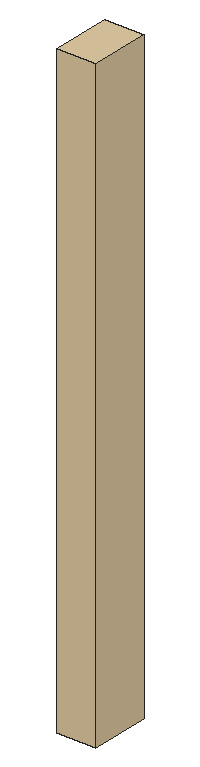
Revit family "Rectangular - Timber", category 기둥, Revit 2026
Family settings
  로드될 때 보이드를 사용하여 절단 = 아니오
  자동으로 형상을 벽에 결합합니다 = 예
  공유 = 아니오
  평면도에서 미리 절단된 패밀리 표시 = 예
Parameters (values of type "191 x 292mm")
  키노트 = "G"
  Depth = 292.00 mm
  Material = Wood - Dimensional Timber
  Width = 191.00 mm
Types (8, lengths in mm): name | Depth | Width
  (no name) | 292.00 | 191.00
  140 x 191mm | 191.00 | 140.00
  191 x 191mm | 191.00 | 191.00
  140 x 140mm | 140.00 | 140.00
  191 x 241mm | 241.00 | 191.00
  114 x 114mm | 114.00 | 114.00
  140 x 241mm | 241.00 | 140.00
  191 x 292mm | 292.00 | 191.00
Reference planes
  plane 1: y = 0
  plane 2: z = 0
  plane 3: x = 0
  plane 4: x = -95.5
  plane 5: x = 95.5
  plane 6: y = 146
  plane 7: y = -146
Forms (mm)
  Extrusion 1, solid, material "Wood - Dimensional Timber" <- "Material"
    sketch origin (0, 0, 0) x (1, 0, 0) y (0, 1, 0)
      loop
        line (-95.5, -146) -> (95.5, -146) -> (95.5, 146) -> (-95.5, 146) -> (-95.5, -146)
    from 0 to 3000
Lines and regions (mm)
  symbolic lines
    curve 1: line (-95.5, 146, 0) -> (95.5, -146, 0)
    curve 2: line (95.5, 146, 0) -> (-95.5, -146, 0)
Dimensions and locks
  equal spacing: plane 4, plane 3, plane 5
  equal spacing: plane 7, plane 1, plane 6
  "Width": plane 4 to plane 5
  "Depth": plane 7 to plane 6
  aligned and locked: plane 4 to Extrusion 1 sketch curve
  aligned and locked: plane 5 to Extrusion 1 sketch curve
  aligned and locked: Extrusion 1 sketch curve to plane 5
  aligned and locked: level to Extrusion 1
Automatic sketch dimensions
  Extrusion 1 sketch curve to plane 7 = 0.00 mm
  Extrusion 1 sketch curve to plane 6 = 0.00 mm
  curve 2 to plane 5 = 0.00 mm
  curve 1 to plane 5 = 0.00 mm
  curve 1 to plane 7 = 0.00 mm
  curve 2 to plane 6 = 0.00 mm
  curve 1 to plane 6 = 0.00 mm
  curve 2 to plane 4 = 0.00 mm
  curve 1 to plane 4 = 0.00 mm
  curve 2 to plane 7 = 0.00 mm
